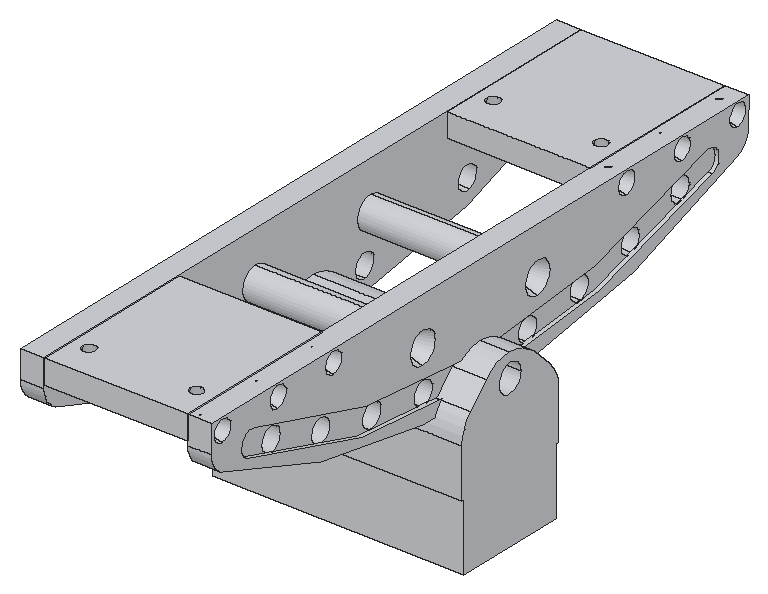
Revit family "1 SOUND_Contour CT28_Rigging System", category Communication Devices, host Face, Revit 2020
Family settings
  Host = Face
  Maintain Annotation Orientation = No
  Round Connector Dimension = Use Diameter
  Part Type = Normal
  Cut with Voids When Loaded = No
  Shared = No
  Room Calculation Point = No
Parameters (values of type "Contour Rigging System CT28")
  Weight = "1.55 kg"
  URL = "https://www.1-sound.com/ct-rigging-system"
  Start Angle [instance] = if(Pivot Angle 5Deg, 95.00°, if(Pivot Angle 10Deg, 100.00°, if(Pivot Angle 15Deg, 105.00°, if(Pivot Angle 20Deg, 110.00°, if(Pivot Angle 5Deg Neg, 85.00°, if(Pivot Angle 10Deg Neg, 80.00°, if(Pivot Angle 15Deg Neg, 75.00°, if(Pivot Angle 20Deg Neg, 70.00°, 90.00°))))))))  # 90.00°
  Model = "Contour Rigging System CT28"
  Pivot Angle 5Deg Neg [instance] = no
  Pivot Angle 5Deg [instance] = no
  Pivot Angle 20Deg Neg [instance] = no
  Pivot Angle 20Deg [instance] = no
  Pivot Angle 15Deg Neg [instance] = no
  Pivot Angle 15Deg [instance] = no
  Pivot Angle 10Deg Neg [instance] = no
  Pivot Angle 10Deg [instance] = no
  Material = "Zinc Plated"
  Manufacturer = "1 SOUND"  # constant formula
  Finish = "Stainless steel & aluminum or powder coated"
  Dimensions (HxWxD) = "103.00mm x 105.00mm x 280.00mm"
  Default Elevation = 0.00 mm
  Construction = "Stainless Steel 316 and Structural Aluminum"
  Category = "Accessory"  # constant formula
  Accessory Finish [instance] = none
Reference planes
  plane 1 "Center (Front/Back)": y = 0
  plane 2: z = 0
  plane 3 "Center (Left/Right)": x = 0
  plane 4: z = 375.044
Forms (mm)
  Extrusion 1, solid, material <- "Accessory Finish"
    sketch origin (0, 0, 0) x (0, -1, 0) y (0, 0, 1)
      loop
        arc (12.272, 67.728) -> (6.642, 71.541) -> (0, 72.994) r 18
        arc (0, 72.994) -> (-6.642, 71.541) -> (-12.272, 67.728) r 18
        line (-12.272, 67.728) -> (-20.607, 59.393)
        arc (-20.607, 59.393) -> (-23.858, 54.527) -> (-25, 48.787) r 15
        line (-25, 48.787) -> (-25, 28) -> (-24, 28) -> (-24, 0) -> (0, 0) -> (24, 0) -> (24, 28) -> (25, 28) -> (25, 48.787)
        arc (25, 48.787) -> (23.858, 54.527) -> (20.607, 59.393) r 15
        line (20.607, 59.393) -> (12.272, 67.728)
    from -52.5 to 52.5
  Extrusion 2, void
    sketch origin (0, 0, 0) x (0, -1, 0) y (0, 0, 1)
      loop
        circle (0, 63) r 6
    from -52.5 to 52.5
Cuts and joins
  Extrusion 2 cuts Extrusion 1
Lines and regions (mm)
  reference lines
    curve 1: line (0, 0, 375.044) -> (0, 0, 103.024)
Dimensions and locks
  locked: plane 4 to host face at 375.044
  "Start Angle": angle plane 4 to curve 1
  aligned and locked: plane 2 to host face
  aligned and locked: level to host face
  aligned and locked: plane 4 to curve 1
  aligned and locked: plane 1 "Center (Front/Back)" to curve 1
Automatic sketch dimensions
  host sketch curve to host sketch curve = 2438.40 mm  (x2)
  Extrusion 1 sketch curve to level = 0.00 mm
  Extrusion 1 sketch curve to plane 1 "Center (Front/Back)" = 0.00 mm  (x2)
  Extrusion 1 sketch curve to plane 1 "Center (Front/Back)" = 0.456 mm
  Extrusion 1 sketch curve to plane 1 "Center (Front/Back)" = 10.00 mm
  Extrusion 1 sketch curve to plane 1 "Center (Front/Back)" = 12.272 mm
  Extrusion 1 sketch curve to Extrusion 1 sketch curve = 8.335 mm  (x3)
  Extrusion 1 sketch curve to plane 1 "Center (Front/Back)" = 24.00 mm
  Extrusion 1 sketch curve to Extrusion 1 sketch curve = 4.393 mm
  plane 1 "Center (Front/Back)" to Extrusion 1 sketch curve = 0.456 mm
  plane 1 "Center (Front/Back)" to Extrusion 1 sketch curve = 10.00 mm
  plane 1 "Center (Front/Back)" to Extrusion 1 sketch curve = 12.272 mm
  Extrusion 1 sketch curve to Extrusion 1 sketch curve = 24.00 mm
  Extrusion 1 sketch curve to Extrusion 1 sketch curve = 1.00 mm
  Extrusion 1 sketch curve to Extrusion 1 sketch curve = 28.00 mm
  level to Extrusion 1 sketch curve = 28.00 mm
  Extrusion 1 sketch curve to Extrusion 1 sketch curve = 20.787 mm
  Extrusion 1 sketch curve to Extrusion 1 sketch curve = 0.00 mm  (x2)
  Extrusion 1 sketch curve to Extrusion 1 sketch curve = 6.213 mm
  Extrusion 2 sketch curve to plane 1 "Center (Front/Back)" = 0.00 mm
  level to Extrusion 2 sketch curve = 63.00 mm
  radius of Extrusion 2 sketch curve = 6.00 mm
Nested families
  nested 1: "1 SOUND_Contour Rigging System" at (0, 0, 103.024) x (0, 1, 0) z (0, 0, -1), Accessory Finish <- "Accessory Finish", type "Contour Rigging System"
    with Accessory Finish none
Definition of nested family "1 SOUND_Contour Rigging System"
  Parameters (values of type "Contour Rigging System")
    Default Elevation = 1219.20 mm
    Accessory Finish [instance] = none
  Reference planes
    plane 1 "Center (Front/Back)": y = 0
    plane 2: z = 0
    plane 3 "Center (Left/Right)": x = 0
  Forms (mm)
    Extrusion 1, solid, material <- "Accessory Finish", not visible
      sketch origin (0, 0, -103) x (1, 0, 0) y (0, 0, 1)
        loop
          line (-140, 206) -> (-140, 194.371)
          arc (-140, 194.371) -> (-138.416, 188.97) -> (-134.166, 185.28) r 10
          arc (-134.166, 185.28) -> (-56.833, 161.055) -> (24.1, 156.903) r 322.025
          arc (24.1, 156.903) -> (80.395, 166.197) -> (134.166, 185.28) r 322.025
          arc (134.166, 185.28) -> (138.416, 188.97) -> (140, 194.371) r 10
          line (140, 194.371) -> (140, 206) -> (-140, 206)
      from -40 to -30
    Extrusion 2, void, not visible
      sketch origin (0, 0, -103) x (1, 0, 0) y (0, 0, 1)
        loop
          circle (-106.719, 184.817) r 5
        loop
          circle (-80.758, 176.632) r 5
        loop
          circle (-54.183, 170.74) r 5
        loop
          circle (-27.195, 167.187) r 5
        loop
          circle (27.195, 167.187) r 5
        loop
          circle (54.183, 170.74) r 5
        loop
          circle (80.758, 176.632) r 5
        loop
          circle (106.719, 184.817) r 5
        loop
          circle (0, 165.981) r 5
      from -40 to 40
    Extrusion 3, solid, material <- "Accessory Finish"
      sketch origin (0, 0, -103) x (1, 0, 0) y (0, 0, 1)
        loop
          line (-140, 103) -> (140, 103) -> (140, 114.629)
          arc (140, 114.629) -> (138.416, 120.03) -> (134.166, 123.72) r 10
          arc (134.166, 123.72) -> (80.395, 142.803) -> (24.1, 152.097) r 322.025
          arc (24.1, 152.097) -> (-56.833, 147.945) -> (-134.166, 123.72) r 322.025
          arc (-134.166, 123.72) -> (-138.416, 120.03) -> (-140, 114.629) r 10
          line (-140, 114.629) -> (-140, 103)
      from -40 to -30
    Extrusion 4, void
      sketch origin (0, 0, -103) x (1, 0, 0) y (0, 0, 1)
        loop
          circle (-106.719, 124.183) r 5
        loop
          circle (-80.758, 132.368) r 5
        loop
          circle (-54.183, 138.26) r 5
        loop
          circle (-27.195, 141.813) r 5
        loop
          circle (27.195, 141.813) r 5
        loop
          circle (54.183, 138.26) r 5
        loop
          circle (80.758, 132.368) r 5
        loop
          circle (106.719, 124.183) r 5
        loop
          circle (0, 143.019) r 5
      from -40 to 40
    Extrusion 5, solid, material <- "Accessory Finish"
      sketch origin (0, 0, -103) x (1, 0, 0) y (0, 0, -1)
        loop
          line (-140, -103) -> (-140, -114.629)
          arc (-140, -114.629) -> (-138.416, -120.03) -> (-134.166, -123.72) r 10
          arc (-134.166, -123.72) -> (-56.833, -147.945) -> (24.1, -152.097) r 322.025
          arc (24.1, -152.097) -> (80.395, -142.803) -> (134.166, -123.72) r 322.025
          arc (134.166, -123.72) -> (138.416, -120.03) -> (140, -114.629) r 10
          line (140, -114.629) -> (140, -103) -> (-140, -103)
      from -40 to -30
    Extrusion 6, solid, material <- "Accessory Finish", not visible
      sketch origin (0, 0, -103) x (1, 0, 0) y (0, 0, -1)
        loop
          line (-140, -206) -> (140, -206) -> (140, -194.371)
          arc (140, -194.371) -> (138.416, -188.97) -> (134.166, -185.28) r 10
          arc (134.166, -185.28) -> (80.395, -166.197) -> (24.1, -156.903) r 322.025
          arc (24.1, -156.903) -> (-56.833, -161.055) -> (-134.166, -185.28) r 322.025
          arc (-134.166, -185.28) -> (-138.416, -188.97) -> (-140, -194.371) r 10
          line (-140, -194.371) -> (-140, -206)
      from -40 to -30
    Extrusion 7, solid, material <- "Accessory Finish"
      sketch origin (0, 0, 0) x (1, 0, 0) y (0, 1, 0)
        loop
          line (-140, 30) -> (-140, -30) -> (-70, -30) -> (-70, 30) -> (-140, 30)
        loop
          line (140, 30) -> (70, 30) -> (70, -30) -> (140, -30) -> (140, 30)
      from 0 to 10
    Blend 8, void
      base sketch origin (0, 0, 0) x (1, 0, 0) y (0, 0, 1)
        loop
          circle (-30, 20) r 3.3
      top sketch origin (0, 0, 0) x (1, 0, 0) y (0, 0, 1)
        loop
          circle (-30, 20) r 6.72
      from 30 to 40
    Blend 9, void
      base sketch origin (0, 0, 0) x (-1, 0, 0) y (0, 0, -1)
        loop
          circle (-30, -20) r 3.3
      top sketch origin (0, 0, 0) x (-1, 0, 0) y (0, 0, -1)
        loop
          circle (-30, -20) r 6.72
      from 30 to 40
    Blend 10, void
      base sketch origin (0, 0, 0) x (1, 0, 0) y (0, 0, -1)
        loop
          circle (-30, -20) r 3.3
      top sketch origin (0, 0, 0) x (1, 0, 0) y (0, 0, -1)
        loop
          circle (-30, -20) r 6.72
      from 30 to 40
    Blend 11, void
      base sketch origin (0, 0, 0) x (-1, 0, 0) y (0, 0, 1)
        loop
          circle (-30, 20) r 3.3
      top sketch origin (0, 0, 0) x (-1, 0, 0) y (0, 0, 1)
        loop
          circle (-30, 20) r 6.72
      from 30 to 40
    Extrusion 12, void
      sketch origin (0, 0, 0) x (1, 0, 0) y (0, 0, 1)
        loop
          arc (121.408, 21.412) -> (0, 45.539) -> (-121.408, 21.412) r 317.525
          arc (-121.408, 21.412) -> (-124.387, 14.227) -> (-117.202, 11.248) r 5.5
          arc (-117.202, 11.248) -> (0, 34.539) -> (117.202, 11.248) r 306.525
          arc (117.202, 11.248) -> (124.387, 14.227) -> (121.408, 21.412) r 5.5
      from 38 to 40
    Extrusion 13, void
      sketch origin (0, 0, 0) x (1, 0, 0) y (0, 0, -1)
        loop
          arc (121.408, -21.412) -> (124.387, -14.227) -> (117.202, -11.248) r 5.5
          arc (117.202, -11.248) -> (0, -34.539) -> (-117.202, -11.248) r 306.525
          arc (-117.202, -11.248) -> (-124.387, -14.227) -> (-121.408, -21.412) r 5.5
          arc (-121.408, -21.412) -> (0, -45.539) -> (121.408, -21.412) r 317.525
      from 38 to 40
    Blend 14, void
      base sketch origin (0, 0, 0) x (1, 0, 0) y (0, 0, 1)
        loop
          circle (76.5, 5) r 2.25
      top sketch origin (0, 0, 0) x (1, 0, 0) y (0, 0, 1)
        loop
          circle (76.5, 5) r 4.48
      from 30 to 40
    Blend 15, void
      base sketch origin (29, 0, 0) x (1, 0, 0) y (0, 0, 1)
        loop
          circle (76.5, 5) r 2.25
      top sketch origin (29, 0, 0) x (1, 0, 0) y (0, 0, 1)
        loop
          circle (76.5, 5) r 4.48
      from 30 to 40
    Blend 16, void
      base sketch origin (58, 0, 0) x (1, 0, 0) y (0, 0, 1)
        loop
          circle (76.5, 5) r 2.25
      top sketch origin (58, 0, 0) x (1, 0, 0) y (0, 0, 1)
        loop
          circle (76.5, 5) r 4.48
      from 30 to 40
    Blend 17, void
      base sketch origin (0, 0, 0) x (-1, 0, 0) y (0, 0, -1)
        loop
          circle (76.5, -5) r 2.25
      top sketch origin (0, 0, 0) x (-1, 0, 0) y (0, 0, -1)
        loop
          circle (76.5, -5) r 4.48
      from 30 to 40
    Blend 18, void
      base sketch origin (-29, 0, 0) x (-1, 0, 0) y (0, 0, -1)
        loop
          circle (76.5, -5) r 2.25
      top sketch origin (-29, 0, 0) x (-1, 0, 0) y (0, 0, -1)
        loop
          circle (76.5, -5) r 4.48
      from 30 to 40
    Blend 19, void
      base sketch origin (-58, 0, 0) x (-1, 0, 0) y (0, 0, -1)
        loop
          circle (76.5, -5) r 2.25
      top sketch origin (-58, 0, 0) x (-1, 0, 0) y (0, 0, -1)
        loop
          circle (76.5, -5) r 4.48
      from 30 to 40
    Blend 20, void
      base sketch origin (0, 0, 0) x (1, 0, 0) y (0, 0, -1)
        loop
          circle (76.5, -5) r 2.25
      top sketch origin (0, 0, 0) x (1, 0, 0) y (0, 0, -1)
        loop
          circle (76.5, -5) r 4.48
      from 30 to 40
    Blend 21, void
      base sketch origin (29, 0, 0) x (1, 0, 0) y (0, 0, -1)
        loop
          circle (76.5, -5) r 2.25
      top sketch origin (29, 0, 0) x (1, 0, 0) y (0, 0, -1)
        loop
          circle (76.5, -5) r 4.48
      from 30 to 40
    Blend 22, void
      base sketch origin (58, 0, 0) x (1, 0, 0) y (0, 0, -1)
        loop
          circle (76.5, -5) r 2.25
      top sketch origin (58, 0, 0) x (1, 0, 0) y (0, 0, -1)
        loop
          circle (76.5, -5) r 4.48
      from 30 to 40
    Blend 23, void
      base sketch origin (0, 0, 0) x (-1, 0, 0) y (0, 0, 1)
        loop
          circle (76.5, 5) r 2.25
      top sketch origin (0, 0, 0) x (-1, 0, 0) y (0, 0, 1)
        loop
          circle (76.5, 5) r 4.48
      from 30 to 40
    Blend 24, void
      base sketch origin (-29, 0, 0) x (-1, 0, 0) y (0, 0, 1)
        loop
          circle (76.5, 5) r 2.25
      top sketch origin (-29, 0, 0) x (-1, 0, 0) y (0, 0, 1)
        loop
          circle (76.5, 5) r 4.48
      from 30 to 40
    Blend 25, void
      base sketch origin (-58, 0, 0) x (-1, 0, 0) y (0, 0, 1)
        loop
          circle (76.5, 5) r 2.25
      top sketch origin (-58, 0, 0) x (-1, 0, 0) y (0, 0, 1)
        loop
          circle (76.5, 5) r 4.48
      from 30 to 40
    Extrusion 26, solid, material <- "Accessory Finish"
      sketch origin (0, 0, 0) x (1, 0, 0) y (0, 0, 1)
        loop
          circle (-30, 20) r 6.72
        loop
          circle (30, 20) r 6.72
      from -30 to 30
    Blend 27, void
      base sketch origin (-41, 0, 0) x (1, 0, 0) y (0, 1, 0)
        loop
          circle (126.002, 22.5) r 2.75
      top sketch origin (-41, 0, 0) x (1, 0, 0) y (0, 1, 0)
        loop
          circle (126.002, 22.5) r 5.2
      from 0 to 10
    Blend 28, void
      base sketch origin (-41, 0, 0) x (1, 0, 0) y (0, 1, 0)
        loop
          circle (126.002, -22.5) r 2.75
      top sketch origin (-41, 0, 0) x (1, 0, 0) y (0, 1, 0)
        loop
          circle (126.002, -22.5) r 5.2
      from 0 to 10
    Blend 29, void
      base sketch origin (0, 0, 0) x (-1, 0, 0) y (0, -1, 0)
        loop
          circle (126.002, -22.5) r 2.75
      top sketch origin (0, 0, 0) x (-1, 0, 0) y (0, -1, 0)
        loop
          circle (126.002, -22.5) r 5.2
      from 0 to 10
    Blend 30, void
      base sketch origin (0, 0, 0) x (-1, 0, 0) y (0, -1, 0)
        loop
          circle (126.002, 22.5) r 2.75
      top sketch origin (0, 0, 0) x (-1, 0, 0) y (0, -1, 0)
        loop
          circle (126.002, 22.5) r 5.2
      from 0 to 10
  Cuts and joins
    Extrusion 4, Blend 10, Blend 11, Extrusion 13, Blend 20, Blend 21, Blend 22, Blend 23, Blend 24, Blend 25 cuts Extrusion 3
    Extrusion 4, Blend 8, Blend 9, Blend 10, Blend 11, Extrusion 12, Extrusion 13, Blend 14, Blend 15, Blend 16, Blend 17, Blend 18, Blend 19, Blend 20, Blend 21, Blend 22, Blend 23, Blend 24, Blend 25 cuts Extrusion 5
    Blend 14, Blend 15, Blend 16, Blend 17, Blend 18, Blend 19, Blend 20, Blend 21, Blend 22, Blend 23, Blend 24, Blend 25, Blend 27, Blend 28, Blend 29, Blend 30 cuts Extrusion 7
  Dimensions and locks
    aligned and locked: level to plane 2
